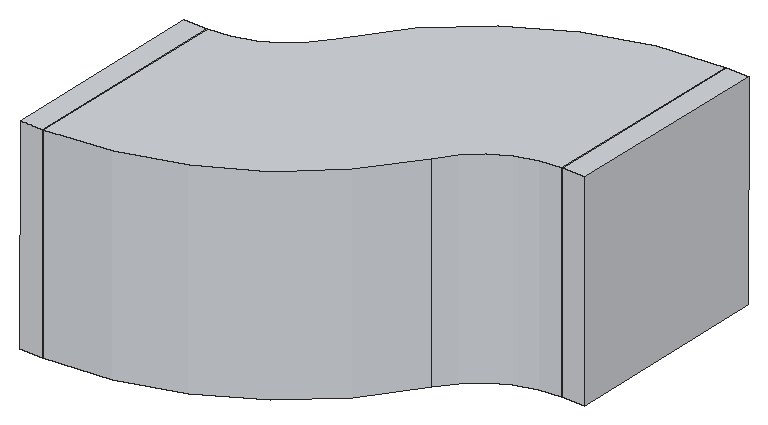
Revit family "M_Rectangular Offset Radius - DTL", category Duct Fittings, Revit 2014
Parameters (values of type "Standard")
  Straight Out Visibility [instance] = Straight Out > 0 mm  # yes
  Straight In Visibility [instance] = Straight In > 0 mm  # yes
  Offset [instance] = Length * tan(Angle)  # 450 mm
  Straight Out 1 [instance] = if(Straight Out > 0 mm, Straight Out, 25 mm)  # 50 mm
  Length 1 [instance] = 3048 mm + Straight In + Straight Out + Length  # 3927.423 mm
  Straight In 1 [instance] = if(Straight In > 0 mm, Straight In, 25 mm)  # 50 mm
  Length [instance] = Radius * sin(Angle 1) * 2  # 779.423 mm
  Radius 1 [instance] = Radius + 3048 mm - Radius * cos(Angle 1) * 2  # 3048 mm
  Straight Out [instance] = 50 mm
  Straight In [instance] = 50 mm
  Width In [instance] = 450 mm
  Depth In [instance] = 450 mm
  Radius [instance] = if(Width In / 2 < Width In, Width In, (Width In + 25 mm))  # 450 mm
  Angle 1 [instance] = Angle * 2  # 60.00°
  Angle [instance] = 30.00°
Reference planes
  plane 1 "Center (Front/Back)": y = 0
  plane 2: z = 0
  plane 3 "Center (Left/Right)": x = 0
  plane 4: x = 50
  plane 5: y = 450
  plane 6: y = 0
  plane 7: x = 829.423
  plane 8: x = 879.423
  plane 9: y = 450
  plane 10: y = -3048
  plane 11: x = -3048
  plane 12: x = 50
  plane 13: x = 829.423
Forms (mm)
  Sweep 1, solid, detail levels medium+fine
    path in 3D
      loop
        arc (50, 0, 0) -> (275, 60.289, 0) -> (439.711, 225, 0) r 450
    profile origin (275, 60.289, 0) x (-0.5, 0.866025, 0) y (0, 0, 1)
      loop
        line (-225, 225) -> (-225, -225) -> (225, -225) -> (225, 225) -> (-225, 225)
  Sweep 2, solid, detail levels medium+fine
    path in 3D
      loop
        arc (829.423, 450, 0) -> (604.423, 389.711, 0) -> (439.711, 225, 0) r 450
    profile origin (604.423, 389.711, 0) x (0.5, -0.866025, 0) y (0, 0, 1)
      loop
        line (225, 225) -> (-225, 225) -> (-225, -225) -> (225, -225) -> (225, 225)
  Extrusion 3, solid, visible <- "Straight Out Visibility", detail levels medium+fine
    sketch origin (0, 0, 0) x (0, 1, 0) y (0, 0, 1)
      loop
        line (675, 225) -> (225, 225) -> (225, -225) -> (675, -225) -> (675, 225)
    from 829.423 to 879.423
  Extrusion 4, solid, visible <- "Straight In Visibility", detail levels medium+fine
    sketch origin (0, 0, 0) x (0, 1, 0) y (0, 0, 1)
      loop
        line (225, 225) -> (-225, 225) -> (-225, -225) -> (225, -225) -> (225, 225)
    from 0 to 50
Cuts and joins
  joined: Sweep 1, Sweep 2
Lines and regions (mm)
  model lines, detail levels coarse
    curve 1: arc (50, 0, 0) -> (275, 60.289, 0) -> (439.711, 225, 0) r 450
    curve 2: arc (829.423, 450, 0) -> (604.423, 389.711, 0) -> (439.711, 225, 0) r 450
  sketch lines
    curve 3: arc (50, 0, 0) -> (275, 60.289, 0) -> (439.711, 225, 0) r 450
    curve 6: arc (829.423, 450, 0) -> (604.423, 389.711, 0) -> (439.711, 225, 0) r 450
  model lines, visible <- "Straight In Visibility", detail levels coarse
    curve 4: line (50, 0, 0) -> (0, 0, 0)
  model lines, visible <- "Straight Out Visibility", detail levels coarse
    curve 5: line (829.423, 450, 0) -> (879.423, 450, 0)
Dimensions and locks
  "Length": plane 4 to plane 7
  "Radius": plane 9 to plane 6
  "Radius": plane 5 to plane 1 "Center (Front/Back)"
  locked: plane 10 to plane 1 "Center (Front/Back)" at 3048
  "Radius 1": plane 6 to plane 10
  equal spacing: Sweep 1 sketch curve, profile plane, Sweep 1 sketch curve  (x2)
  "Width In": Sweep 1 sketch curve to Sweep 1 sketch curve
  "Depth In": Sweep 1 sketch curve to Sweep 1 sketch curve
  equal spacing: Sweep 2 sketch curve, profile plane, Sweep 2 sketch curve  (x2)
  "Width In": Sweep 2 sketch curve to Sweep 2 sketch curve
  "Depth In": Sweep 2 sketch curve to Sweep 2 sketch curve
  locked: plane 11 to plane 3 "Center (Left/Right)" at 3048
  "Length 1": plane 11 to plane 8
  "Straight In": plane 3 "Center (Left/Right)" to plane 4
  "Straight Out 1": plane 13 to plane 8
  "Straight In 1": plane 3 "Center (Left/Right)" to plane 12
  equal spacing: Extrusion 3 sketch curve, plane 9, Extrusion 3 sketch curve
  "Width In": Extrusion 3 sketch curve to Extrusion 3 sketch curve
  equal spacing: Extrusion 3 sketch curve, plane 2, Extrusion 3 sketch curve
  "Depth In": Extrusion 3 sketch curve to Extrusion 3 sketch curve
  equal spacing: Extrusion 4 sketch curve, plane 2, Extrusion 4 sketch curve
  "Depth In": Extrusion 4 sketch curve to Extrusion 4 sketch curve
  equal spacing: Extrusion 4 sketch curve, plane 1 "Center (Front/Back)", Extrusion 4 sketch curve
  "Width In": Extrusion 4 sketch curve to Extrusion 4 sketch curve
  "Radius": radius of curve 1
  "Radius": radius of curve 2
  "Angle 1": angle curve 1 to curve 1
  "Angle 1": angle curve 2 to curve 2
  aligned and locked: plane 4 to curve 1  (x2)
  aligned and locked: plane 3 "Center (Left/Right)" to curve 4
  aligned and locked: plane 8 to curve 5
  aligned and locked: plane 7 to curve 2
  aligned and locked: plane 12 to curve 4
  aligned and locked: curve 4 to plane 1 "Center (Front/Back)"
  aligned and locked: plane 8 to Extrusion 3
  aligned and locked: Extrusion 3 to plane 13
  aligned and locked: Extrusion 4 to plane 3 "Center (Left/Right)"
  aligned and locked: plane 12 to Extrusion 4
  aligned and locked: plane 13 to curve 5
Connectors
  hvac at (0, 0, 0), driven by "Depth In", driven by "Width In"
    settings: on Extrusion 4, index 1, duct flow 0.0 L/s, flow factor 0, pres drop 0.0 Pa, loss coef 0, conn angle 0.00°, conn width 450 mm, conn height 450 mm, conn diameter 609.6 mm, duct sys type 28, conn prof type 1, flow config 0, flow direction 0, loss method 0, conn ref index 2, conn util no, is conn primary yes, conn desc ""
  hvac at (879.423, 450, 0), driven by "Depth In", driven by "Width In"
    settings: on Extrusion 3, index 2, duct flow 0.0 L/s, flow factor 0, pres drop 0.0 Pa, loss coef 0, conn angle 0.00°, conn width 450 mm, conn height 450 mm, conn diameter 609.6 mm, duct sys type 28, conn prof type 1, flow config 0, flow direction 0, loss method 0, conn ref index 1, conn util no, is conn primary no, conn desc ""
